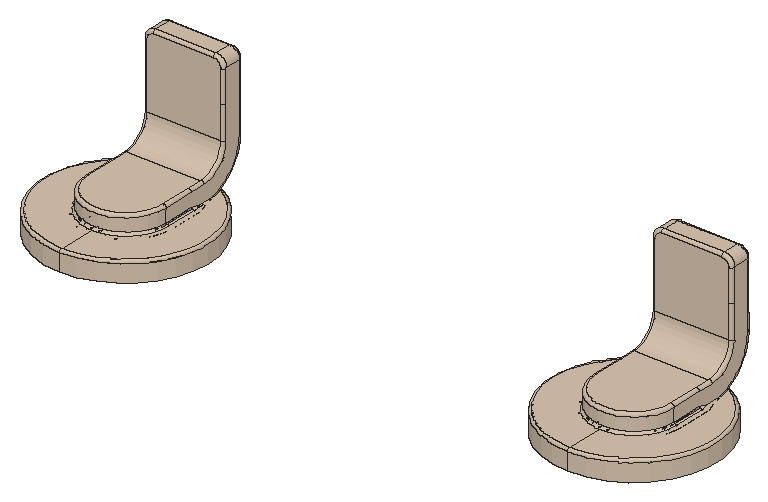
Revit family "Faucet-Handle-KALLISTA-Ribbon-P34223_1", category Plumbing Fixtures, host Face, Revit 2021
Family settings
  Host = Face
  Round Connector Dimension = Use Diameter
  Part Type = Normal
  OmniClass Number = 23.31.11.00
  OmniClass Title = Faucets
  Cut with Voids When Loaded = No
  Shared = No
  Room Calculation Point = No
Parameters (values of type "BAF-Brushed French Gold")
  Width [instance] = 8"
  WaterSense Certified = 1 = 0  # no
  Waste Water Outlet = "Waste Water Outlet"  # constant formula
  Waste Connection = 1 = 0  # no
  Vent Connection = 1 = 0  # no
  URL = "https://www.kallista.com/"
  Type = 1
  Product Page URL = ""
  Product Name = "Ribbon"  # constant formula
  Product Documentation Link = ""
  Pressure = 0.00 psi
  Model = if(Type = 1, "P34223-LV-BAF", if(Type = 2, "P34223-LV-BN", if(Type = 3, "P34223-LV-CP", if(Type = 4, "P34223-LV-PGP", if(Type = 5, "P34223-LV-SN", "NA")))))  # "P34223-LV-BAF"
  Material = "Premium Metal Construction"  # constant formula
  Master Format 2014 Name = "Residential Faucets, Supplies, and Trim"  # constant formula
  Master Format 2014 = "22 41 39"  # constant formula
  Manufacturer Address = "444 Highland Dr, Kohler, WI 53044"  # constant formula
  Manufacturer = "Kallista Co."  # constant formula
  Length = 2.16535"  # constant formula
  Hot Water Inlet = "Hot Water Inlet"  # constant formula
  Height = 2.59843"  # constant formula
  Handle Clearance = 1.49606"  # constant formula
  HW Connection = 1 = 1  # yes
  Flow Rate = 0 GPM
  Finish = Kallista-Metal-BAF-Brushed_French_Gold
  Environmental Product Declaration = ""
  Drain Included = 1 = 0  # no
  Description = "Deck Mount Bath Diverter Handle"  # constant formula
  Default Elevation = 36"
  Declare Label = ""
  Date Modified = "06/29/2024"  # constant formula
  Date Created = "06/29/2024"  # constant formula
  Copyright = "Copyright Kallista Co."  # constant formula
  Contact Us = "https://www.kallista.com/corporate/contact-us/"
  Cold Water Inlet = "Cold Water Inlet"  # constant formula
  CW Connection = 1 = 1  # yes
  Assembly Code = "D2010"
  ADA Compliant = 1 = 0  # no
Types (6): name | Type | Model | Finish
  (no name) | 1 | "P34223-LV-BAF" | Kallista-Metal-BAF-Brushed_French_Gold
  BN-Brushed Nickel | 2 | "P34223-LV-BN" | Kallista-Metal-BN-Brushed_Nickel
  BAF-Brushed French Gold | 1 | "P34223-LV-BAF" | Kallista-Metal-BAF-Brushed_French_Gold
  CP-Chrome | 3 | "P34223-LV-CP" | Kallista-Metal-CP-Chrome
  PGP-Polished Graphite | 4 | "P34223-LV-PGP" | Kallista-Metal-PGP-Polished_Graphite
  SN-Polished Nickel | 5 | "P34223-LV-SN" | Kallista-Metal-SN-Polished_Nickel
Reference planes
  plane 1 "Center (Front/Back)": y = 0
  plane 2: z = 0
  plane 3 "Center (Left/Right)": x = 0
  plane 4: y = 38
  plane 5: y = -33
  plane 6: y = 33
  plane 7: y = 29
  plane 8: z = 8
  plane 9: z = 55
  plane 10: x = -101.6
  plane 11: x = 101.6
  plane 12: x = 68.6
  plane 13: x = 134.6
  plane 14: x = -68.6
  plane 15: x = -134.6
  plane 16: x = 85.6
  plane 17: x = 117.6
  plane 18: x = -85.6
  plane 19: x = -117.6
Dimensions and locks
  "Length": plane 9 to level
  plane 8 to level = 0.31496"
  plane 4 to plane 7 = 0.35433"
  plane 4 to plane 5 = 2.79528"
  "Height": plane 6 to plane 5
  "Handle Clearance": plane 4 to plane 1 "Center (Front/Back)"
  plane 11 to plane 16 to plane 12 = 0.62992", 0.66929"
  equal spacing: plane 15, plane 10, plane 14
  plane 15 to plane 14 = 2.59843"
  equal spacing: plane 12, plane 11, plane 13
  plane 12 to plane 13 = 2.59843"
  equal spacing: plane 10, plane 3 "Center (Left/Right)", plane 11
  "Width": plane 10 to plane 11
  equal spacing: plane 19, plane 10, plane 18
  plane 19 to plane 18 = 1.25984"
  equal spacing: plane 16, plane 11, plane 17
  plane 16 to plane 17 = 1.25984"
  aligned and locked: plane 2 to host face
  aligned and locked: level to host face
  aligned and locked: plane 10 to nested 1
  aligned and locked: plane 1 "Center (Front/Back)" to nested 1
  aligned and locked: nested 2 to plane 11
  aligned and locked: nested 2 to plane 1 "Center (Front/Back)"
Automatic sketch dimensions
  host sketch curve to host sketch curve = 96"  (x2)
Nested families
  nested 1: "P34223" at (-101.6, 0, 0), type "P34223"
  nested 2: "P34223" at (101.6, 0, 0) x (-1, 0, 0) z (0, 0, 1), type "P34223"
Connectors
  piping at (-101.6, 0, 0), diameter 12.7, driven by "HW Connection"
    settings: on nested 1, index 1, connector inside diameter 24", connector length 0", flow factor 0, pipe flow 0 GPM, pressure drop 0.00 psi, fitting loss kfactor 0, connector angle 0.00°, fixture units 0, engagement length 0", angle of deflection 0.00°, flow configuration 0, flow direction 1, fitting loss method 0, system type 19, joint type 0, gender type 0, connector reference index -1, connector utility 1, adjustable connector no, is connector primary yes, connector description ""
  piping at (-101.6, 0, 0), diameter 12.7, driven by "HW Connection", driven by "Hot Water Inlet"
    settings: on nested 1, index 2, connector inside diameter 24", connector length 0", flow factor 0, pipe flow 0 GPM, pressure drop 0.00 psi, fitting loss kfactor 0, connector angle 0.00°, fixture units 0, engagement length 0", angle of deflection 0.00°, flow configuration 0, flow direction 1, fitting loss method 0, system type 19, joint type 0, gender type 0, connector reference index -1, connector utility 1, adjustable connector no, is connector primary no, connector description "Hot Water Inlet"
  piping at (101.6, 0, 0), diameter 12.7, driven by "CW Connection", driven by "Cold Water Inlet"
    settings: on nested 2, index 3, connector inside diameter 24", connector length 0", flow factor 0, pipe flow 0 GPM, pressure drop 0.00 psi, fitting loss kfactor 0, connector angle 0.00°, fixture units 0, engagement length 0", angle of deflection 0.00°, flow configuration 0, flow direction 1, fitting loss method 0, system type 20, joint type 0, gender type 0, connector reference index -1, connector utility 1, adjustable connector no, is connector primary no, connector description "Cold Water Inlet"
Definition of nested family "P34223"
  Parameters
    Material = none
    Default Elevation = 0"
  Reference planes
    plane 1 "Center (Front/Back)": y = 0
    plane 2: z = 0
    plane 3 "Center (Left/Right)": x = 0
    plane 4: x = 33
    plane 5: x = -33
    plane 6: y = 33
    plane 7: y = -33
    plane 8: y = 38
    plane 9: x = 16
    plane 10: x = -16
    plane 11: z = 8
    plane 12: z = 55
    plane 13: y = 29
  Forms (mm)
    Sweep 1, solid, material <- "Material", detail levels medium+fine
      path origin (0, 0.144, -2.656) x (1, 0, 0) y (0, 1, 0)
        loop
          line (-16, 12.491) -> (-16, -0.164)
          arc (-16, -0.164) -> (0, -16.164) -> (16, -0.164) r 16
          line (16, -0.164) -> (16, 12.491)
      profile origin (-16, 6.308, -2.656) x (1, 0, 0) y (0, 0, 1)
        loop
          line (12.951, 17.736) -> (1.218, 17.736)
          arc (1.218, 17.736) -> (0.357, 17.379) -> (0, 16.517) r 1.218
          line (0, 16.517) -> (0, 11.137)
          arc (0, 11.137) -> (0.357, 10.275) -> (1.218, 9.919) r 1.218
          line (1.218, 9.919) -> (12.951, 9.919) -> (12.951, 17.736)
    Sweep 2, solid, material <- "Material", detail levels medium+fine
      path origin (0, 5.496, -2.656) x (0, 1, 0) y (0, 0, 1)
        loop
          line (7.14, 17.736) -> (13.504, 17.736)
          arc (13.504, 17.736) -> (20.575, 20.665) -> (23.504, 27.736) r 10
          line (23.504, 27.736) -> (23.504, 40.92)
      profile origin (0, 19, 15.079) x (0, 0, 1) y (1, 0, 0)
        loop
          line (-1.218, 16) -> (-7.782, 16)
          arc (-7.782, 16) -> (-8.643, 15.643) -> (-9, 14.782) r 1.218
          line (-9, 14.782) -> (-9, -14.782)
          arc (-9, -14.782) -> (-8.643, -15.643) -> (-7.782, -16) r 1.218
          line (-7.782, -16) -> (-1.218, -16)
          arc (-1.218, -16) -> (-0.357, -15.643) -> (0, -14.782) r 1.218
          line (0, -14.782) -> (0, 14.782)
          arc (0, 14.782) -> (-0.357, 15.643) -> (-1.218, 16) r 1.218
    Sweep 3, solid, material <- "Material", detail levels medium+fine
      path origin (0, 0.144, -2.656) x (1, 0, 0) y (0, 1, 0)
        loop
          arc (-12.64, 18.031) -> (-15.296, 15.835) -> (-16.293, 12.536) r 5.959
          line (-16.293, 12.536) -> (-16.293, -0.216)
          arc (-16.293, -0.216) -> (0.004, -16.513) -> (16.301, -0.216) r 16.297
          line (16.301, -0.216) -> (16.301, 12.536)
          arc (16.301, 12.536) -> (15.304, 15.835) -> (12.648, 18.031) r 5.959
      profile origin (-16.293, 6.304, -2.656) x (1, 0, 0) y (0, 0, 1)
        loop
          line (1.542, 14.452) -> (0.469, 14.452) -> (0.469, 12.34)
          arc (0.469, 12.34) -> (-0.08, 11.015) -> (-1.405, 10.466) r 1.874
          line (-1.405, 10.466) -> (-2.641, 10.466) -> (-2.641, 9.022) -> (1.542, 9.022) -> (1.542, 14.452)
    Sweep 4, solid, material <- "Material", detail levels medium+fine
      path origin (0, 0, 0) x (1, 0, 0) y (0, 0, 1)
        loop
          line (16, 38.263) -> (16, 51)
          arc (16, 51) -> (14.828, 53.828) -> (12, 55) r 4
          line (12, 55) -> (-12, 55)
          arc (-12, 55) -> (-14.828, 53.828) -> (-16, 51) r 4
          line (-16, 51) -> (-16, 38.263)
      profile origin (-16, 0, 44.632) x (0, -1, 0) y (1, 0, 0)
        loop
          line (-38, 3.244) -> (-38, 1.218)
          arc (-38, 1.218) -> (-37.643, 0.357) -> (-36.782, 0) r 1.218
          line (-36.782, 0) -> (-30.218, 0)
          arc (-30.218, 0) -> (-29.357, 0.357) -> (-29, 1.218) r 1.218
          line (-29, 1.218) -> (-29, 3.244) -> (-38, 3.244)
    Extrusion 5, solid, material <- "Material", detail levels medium+fine
      sketch origin (0, 0, 0) x (1, 0, 0) y (0, 0, 1)
        loop
          arc (-12, 51.756) -> (-12.535, 51.535) -> (-12.756, 51) r 0.756
          line (-12.756, 51) -> (-12.756, 38.263) -> (12.756, 38.263) -> (12.756, 51)
          arc (12.756, 51) -> (12.535, 51.535) -> (12, 51.756) r 0.756
          line (12, 51.756) -> (-12, 51.756)
      from -29 to -38
    Extrusion 6, solid, material <- "Material", detail levels medium+fine
      sketch origin (0, 0, 0) x (1, 0, 0) y (0, 1, 0)
        loop
          line (3.049, 12.635) -> (-3.049, 12.635) -> (-3.049, -0.02)
          arc (-3.049, -0.02) -> (0, -3.069) -> (3.049, -0.02) r 3.049
          line (3.049, -0.02) -> (3.049, 12.635)
      from 6.366 to 15.079
    Revolve 7, solid, material <- "Material", detail levels medium+fine
      sketch origin (0, 0, 0) x (0, 1, 0) y (0, 0, 1)
        loop
          line (0, 0) -> (0, 8) -> (-32, 8)
          arc (-32, 8) -> (-32.707, 7.707) -> (-33, 7) r 1
          line (-33, 7) -> (-33, 0) -> (0, 0)
        axis (0, 8) -> (0, 0)
      angle from 0 to 360
    Sweep 8, solid, material <- "Material", detail levels medium+fine
      path origin (0, 0.508, 0) x (1, 0, 0) y (0, 1, 0)
        loop
          line (16, 21.727) -> (16, 22.578)
          arc (16, 22.578) -> (14.088, 28.296) -> (9.121, 31.714) r 9.506
          arc (9.121, 31.714) -> (0.018, 33) -> (-9.087, 31.724) r 33
          arc (-9.087, 31.724) -> (-14.078, 28.295) -> (-16, 22.553) r 9.54
          line (-16, 22.553) -> (-16, 21.727)
      profile origin (0.018, 33.508, 0) x (-0.000545, -1, 0) y (0, 0, 1)
        loop
          arc (0.577, 12.551) -> (1.182, 10.097) -> (0.748, 7.606) r 6.153
          arc (0.748, 7.606) -> (0.609, 7.148) -> (0.549, 6.674) r 2.835
          line (0.549, 6.674) -> (5.201, 6.674) -> (5.201, 12.551) -> (0.577, 12.551)
    Extrusion 9, solid, material <- "Material", detail levels medium+fine
      sketch origin (0, 0, 0) x (1, 0, 0) y (0, 1, 0)
        loop
          circle (0, 0) r 5
      from 0 to 2.338
    Extrusion 10, solid, material <- "Material", detail levels coarse
      sketch origin (0, 0, 0) x (1, 0, 0) y (0, 1, 0)
        loop
          circle (0, 0) r 33
      from 0 to 8
    Extrusion 11, solid, material <- "Material", detail levels coarse
      sketch origin (0, 0, 0) x (0, 1, 0) y (0, 0, 1)
        loop
          line (37, 55) -> (30, 55)
          arc (30, 55) -> (29.293, 54.707) -> (29, 54) r 1
          line (29, 54) -> (29, 25.074)
          arc (29, 25.074) -> (26.071, 18.003) -> (19, 15.074) r 10
          line (19, 15.074) -> (-17.264, 15.074) -> (-17.264, 8) -> (23.802, 8)
          arc (23.802, 8) -> (33.841, 12.159) -> (38, 22.198) r 14.198
          line (38, 22.198) -> (38, 54)
          arc (38, 54) -> (37.707, 54.707) -> (37, 55) r 1
      from -20.494 to 18.941
    Extrusion 12, void
      sketch origin (0, 0, 0) x (1, 0, 0) y (0, 1, 0)
        loop
          line (-16, 41.257) -> (-38.757, 41.257) -> (-38.757, -22.501) -> (38.757, -22.501) -> (38.757, 41.257) -> (16, 41.257) -> (16, -0.024)
          arc (16, -0.024) -> (0, -16.024) -> (-16, -0.024) r 16
          line (-16, -0.024) -> (-16, 41.257)
      from -4.064 to 81.578
  Cuts and joins
    joined: Sweep 1, Sweep 2, Sweep 4, Extrusion 5, Extrusion 6
    Extrusion 12 cuts Extrusion 11
    joined: Extrusion 10, Extrusion 11
  Lines and regions (mm)
    Masking region 1
      outline origin (0, 0, 0) x (1, 0, 0) y (0, 1, 0)
        loop
          arc (-16, 28.862) -> (0, -33) -> (16, 28.862) r 33
          line (16, 28.862) -> (16, 37)
          arc (16, 37) -> (15.707, 37.707) -> (15, 38) r 1
          line (15, 38) -> (-15, 38)
          arc (-15, 38) -> (-15.707, 37.707) -> (-16, 37) r 1
          line (-16, 37) -> (-16, 28.862)
    Masking region 2
      outline origin (0, 0, 0) x (1, 0, 0) y (0, 0, 1)
        loop
          arc (-12, 55) -> (-14.828, 53.828) -> (-16, 51) r 4
          line (-16, 51) -> (-16, 9)
          arc (-16, 9) -> (-16.293, 8.293) -> (-17, 8) r 1
          line (-17, 8) -> (-32, 8)
          arc (-32, 8) -> (-32.707, 7.707) -> (-33, 7) r 1
          line (-33, 7) -> (-33, 0) -> (33, 0) -> (33, 7)
          arc (33, 7) -> (32.707, 7.707) -> (32, 8) r 1
          line (32, 8) -> (17, 8)
          arc (17, 8) -> (16.293, 8.293) -> (16, 9) r 1
          line (16, 9) -> (16, 51)
          arc (16, 51) -> (14.828, 53.828) -> (12, 55) r 4
          line (12, 55) -> (-12, 55)
    Masking region 3
      outline origin (0, 0, 0) x (0, 1, 0) y (0, 0, 1)
        loop
          line (37, 55) -> (30, 55)
          arc (30, 55) -> (29.293, 54.707) -> (29, 54) r 1
          line (29, 54) -> (29, 25.074)
          arc (29, 25.074) -> (26.071, 18.003) -> (19, 15.074) r 10
          line (19, 15.074) -> (-15.014, 15.074)
          arc (-15.014, 15.074) -> (-15.721, 14.781) -> (-16.014, 14.074) r 1
          line (-16.014, 14.074) -> (-16.014, 9.5)
          arc (-16.014, 9.5) -> (-16.453, 8.439) -> (-17.514, 8) r 1.5
          line (-17.514, 8) -> (-32, 8)
          arc (-32, 8) -> (-32.707, 7.707) -> (-33, 7) r 1
          line (-33, 7) -> (-33, 0) -> (33, 0) -> (33, 7.484)
          arc (33, 7.484) -> (32.932, 7.875) -> (32.736, 8.22) r 1.158
          arc (32.736, 8.22) -> (32.239, 9.022) -> (31.972, 9.928) r 3.534
          arc (31.972, 9.928) -> (32.041, 10.821) -> (32.5, 11.59) r 1.963
          arc (32.5, 11.59) -> (36.573, 17.86) -> (38, 25.2) r 19.59
          line (38, 25.2) -> (38, 54)
          arc (38, 54) -> (37.707, 54.707) -> (37, 55) r 1
    symbolic lines, detail levels medium+fine
      curve 1: line (-16, 28.862, 0) -> (-16, -0.142, 0)
      curve 2: line (16, 28.862, 0) -> (16, -0.142, 0)
      curve 3: arc (-16, -0.142, 0) -> (0, -16.142, 0) -> (16, -0.142, 0) r 16
      curve 4: line (-15.112, 29, 0) -> (15.089, 29, 0)
      curve 5: arc (-16.011, 29.937, 0) -> (-15.761, 29.277, 0) -> (-15.112, 29, 0) r 0.9
      curve 6: arc (15.089, 29, 0) -> (15.743, 29.276, 0) -> (16, 29.937, 0) r 0.911
      curve 7: line (-16, 37, 0) -> (16, 37, 0)
      curve 8: line (16, 29.937, 0) -> (-16.011, 29.937, 0)
      curve 9: line (-15, 29, 0) -> (-15, -0.142, 0)
      curve 10: line (15, -0.142, 0) -> (15, 29, 0)
      curve 11: arc (-15, -0.142, 0) -> (0, -15.142, 0) -> (15, -0.142, 0) r 15
      curve 12: arc (-16, 27.713, 0) -> (0, -32, 0) -> (16, 27.713, 0) r 32
      curve 13: arc (-15, 0, 15.064) -> (-15.634, 0, 14.8) -> (-16, 0, 14.22) r 1.136
      curve 14: line (-33, 0, 7) -> (33, 0, 7)
      curve 15: line (-17, 0, 8) -> (17, 0, 8)
      curve 16: line (16, 0, 9) -> (-16, 0, 9)
      curve 17: line (-16, 0, 25.068) -> (16, 0, 25.068)
      curve 18: arc (-12, 0, 54) -> (-14.121, 0, 53.121) -> (-15, 0, 51) r 3
      curve 19: line (12, 0, 54) -> (-12, 0, 54)
      curve 20: arc (15, 0, 51) -> (14.121, 0, 53.121) -> (12, 0, 54) r 3
      curve 21: line (15, 0, 15.064) -> (15, 0, 51)
      curve 22: line (-15, 0, 51) -> (-15, 0, 15.064)
      curve 23: line (-15, 0, 15.064) -> (15, 0, 15.064)
      curve 24: arc (15, 0, 15.064) -> (15.656, 0, 14.825) -> (16.004, 0, 14.22) r 1.019
      curve 25: line (-16, 0, 14.22) -> (16.004, 0, 14.22)
      curve 26: line (0, 28.977, 8) -> (0, -17.514, 8)
      curve 27: arc (0, 32.5, 11.59) -> (0, 31.29, 10.462) -> (0, 29.97, 9.466) r 15.849
      curve 28: arc (0, 29.97, 9.466) -> (0, 29.332, 8.829) -> (0, 28.977, 8) r 2.377
      curve 29: line (0, 19, 14.074) -> (0, -16.014, 14.074)
      curve 30: arc (0, 30, 25.074) -> (0, 26.778, 17.296) -> (0, 19, 14.074) r 11
      curve 31: line (0, 30, 55) -> (0, 30, 25.074)
      curve 32: line (0, 37, 25.2) -> (0, 37, 55)
      curve 33: arc (0, 31.781, 12.285) -> (0, 35.646, 18.235) -> (0, 37, 25.2) r 18.59
      curve 34: arc (0, 29.41, 10.295) -> (0, 30.647, 11.228) -> (0, 31.781, 12.285) r 14.849
      curve 35: line (0, -33, 7) -> (0, 27.766, 7)
      curve 36: arc (0, 27.766, 7) -> (0, 28.551, 7.282) -> (0, 28.977, 8) r 1.234
      curve 37: line (0, 38, 51.021) -> (0, 29, 51.021)
      curve 38: arc (0, 28.149, 8.712) -> (0, 28.658, 9.6) -> (0, 29.41, 10.295) r 3.377
      curve 39: arc (0, 27.439, 8) -> (0, 27.869, 8.281) -> (0, 28.149, 8.712) r 1.243
      curve 40: line (0, 28.277, 9.001) -> (0, -16.099, 9.001)
      curve 41: arc (0, 28.977, 8) -> (0, 31.005, 7.87) -> (0, 33, 7.484) r 15.932
      curve 42: arc (0, 29.97, 9.466) -> (0, 31.19, 8.481) -> (0, 32.736, 8.22) r 3.099
  Dimensions and locks
    aligned and locked: plane 2 to level
